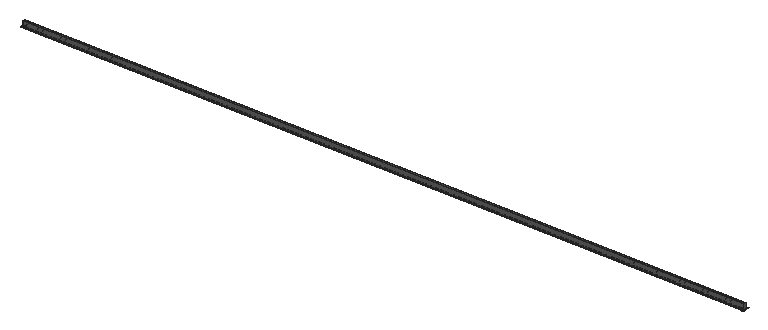
Revit family "STH21954PTO_27", category Luminárias, Revit 2023
Family settings
  Hospedeiro = Forro
  Cota do conector redondo = Utilizar diâmetro
  Tipo de parte = Normal
  Número OmniClass = 23.80.70.11
  Título OmniClass = Luminaries for Internal Lighting
  Sempre na vertical = Sim
  Corte com vazios quando carregada = Não
  Fonte luminosa = Não
  Manter orientação da anotação = Não
  Compartilhado = Não
  Ponto de cálculo do ambiente = Não
Parameters (values of type "STH21954PTO/27 - PRETO - 2m - 2700K - 280lm - 80°")
  Ângulo de Abertura = "80°"
  URL = "https://stella.com.br/"
  Tensão Elétrica = "24V"
  Temperatura da cor (K) = 2700 K
  Referência = "STH21954PTO/27 - PRETO - 2m"
  Potência = 14 W
  Modelo = "Archi"
  Luminoso = Luminoso_Lente Preta - 2700K
  Largura = 0.016 m
  IRC (Índice de reprodução de cores) = ">93 (R9 >60)\r\n>93 (R9 >60)"
  Grau de proteção (IP) = "IP20"
  Fluxo Luminoso = 280 lm
  Fabricante = "Stella"
  Estrutura = Al - Preto
  Elevação padrão = 0.00 m
  Dimerização = "Não dimerizável"
  Comprimento = 2.016 m
  Altura = 0.014 m
Reference planes (m)
  plane 1 "Eixo de origem da luz (F/T)": y = 0
  plane 2 "Forro": z = 2.4384
  plane 3 "Eixo de origem da luz (E/D)": x = 0
  plane 4 "Elevação da origem da luz": z = 2.43398
  plane 5: y = 0.008
  plane 6: y = -0.008
  plane 7: x = -1.008
  plane 8: x = 1.008
  plane 9 "Inferior": z = 2.4374
  plane 10 "Superior": z = 2.4514
  plane 11 "Base": z = 2.4384
  plane 12 "Conector": z = 2.4474
Forms (m)
  Extrusion 1, solid, material "Al - Preto" <- "Estrutura"
    sketch origin (0, -0.000002, 2.43398) x (0, -1, 0) y (1, 0, 0)
      loop
        line (-0.008002, -1.008) -> (0.007998, -1.008) -> (0.007998, 1.008) -> (-0.008002, 1.008) -> (-0.008002, -1.008)
      loop
        line (0.003398, 1.004) -> (-0.003402, 1.004) -> (-0.003402, -1.004) -> (0.003398, -1.004) -> (0.003398, 1.004)
    from 0.00342 to 0.00442
  Extrusion 2, void
    sketch origin (0, 0.05, 2.43398) x (0, -1, 0) y (1, 0, 0)
      loop
        line (0.042, -1.008) -> (0.058, -1.008) -> (0.058, 1.008) -> (0.042, 1.008) -> (0.042, -1.008)
    from 0.00342 to 0.01742
  Extrusion 3, solid, material "Al - Preto" <- "Estrutura"
    sketch origin (0, 0, 0) x (0, 1, 0) y (0, 0, 1)
      loop
        line (-0.004, 2.4384) -> (-0.0028, 2.4384) -> (-0.0028, 2.439654)
        arc (-0.0028, 2.439654) -> (-0.003, 2.44) -> (-0.0028, 2.440346) r 0.0004
        line (-0.0028, 2.440346) -> (-0.0028, 2.4474) -> (0.0028, 2.4474) -> (0.0028, 2.440346)
        arc (0.0028, 2.440346) -> (0.003, 2.44) -> (0.0028, 2.439654) r 0.0004
        line (0.0028, 2.439654) -> (0.0028, 2.4384) -> (0.004, 2.4384) -> (0.004, 2.4514) -> (0.0015, 2.4514) -> (0.0015, 2.4504) -> (0.003, 2.4504) -> (0.003, 2.4484) -> (-0.003, 2.4484) -> (-0.003, 2.4504) -> (-0.0015, 2.4504) -> (-0.0015, 2.4514) -> (-0.004, 2.4514) -> (-0.004, 2.4384)
    from -1.004 to 1.004
  Extrusion 4, solid, material "Al - Preto" <- "Estrutura"
    sketch origin (0, 0, 0) x (0, 1, 0) y (0, 0, 1)
      loop
        line (-0.004, 2.4514) -> (-0.004, 2.4384) -> (0.004, 2.4384) -> (0.004, 2.4514) -> (-0.004, 2.4514)
    from 1.004 to 1.0055
  Extrusion 5, solid, material "Al - Preto" <- "Estrutura"
    sketch origin (0, 0, 0) x (0, 1, 0) y (0, 0, -1)
      loop
        line (-0.004, -2.4514) -> (0.004, -2.4514) -> (0.004, -2.4384) -> (-0.004, -2.4384) -> (-0.004, -2.4514)
    from 1.004 to 1.0055
  Extrusion 6, solid, material "Luminoso_Lente Preta - 2700K" <- "Luminoso"
    sketch origin (0, -0.02, 0) x (0, 1, 0) y (0, 0, 1)
      loop
        line (0.0181, 2.438036) -> (0.0181, 2.440042)
        spline (0.0181, 2.440042) -> (0.017982, 2.440237) -> (0.017809, 2.440317) -> (0.017673, 2.440341) -> (0.017515, 2.440336) -> (0.017347, 2.440305) -> (0.017216, 2.440245) -> (0.017141, 2.440185) -> (0.017108, 2.4401) -> (0.017106, 2.43996) -> (0.017153, 2.439816) -> (0.01726, 2.439752) -> (0.017292, 2.439537)
        spline (0.017292, 2.439537) -> (0.017296, 2.438955) -> (0.0173, 2.438601) -> (0.017288, 2.438383) -> (0.017247, 2.438229) -> (0.017167, 2.438133) -> (0.01704, 2.438103) -> (0.016892, 2.4381) -> (0.016773, 2.438054) -> (0.016712, 2.437922) -> (0.016694, 2.437722) -> (0.016716, 2.437492) -> (0.016871, 2.437375)
        arc (0.016871, 2.437375) -> (0.02, 2.43715) -> (0.023129, 2.437375) r 0.021905
        spline (0.023129, 2.437375) -> (0.023284, 2.437492) -> (0.023306, 2.437722) -> (0.023288, 2.437922) -> (0.023227, 2.438054) -> (0.023108, 2.4381) -> (0.02296, 2.438103) -> (0.022833, 2.438133) -> (0.022753, 2.438229) -> (0.022712, 2.438383) -> (0.0227, 2.438601) -> (0.022704, 2.438955) -> (0.022708, 2.439537)
        spline (0.022708, 2.439537) -> (0.02274, 2.439752) -> (0.022847, 2.439816) -> (0.022894, 2.43996) -> (0.022892, 2.4401) -> (0.022859, 2.440185) -> (0.022784, 2.440245) -> (0.022653, 2.440305) -> (0.022485, 2.440336) -> (0.022327, 2.440341) -> (0.022191, 2.440317) -> (0.022018, 2.440237) -> (0.0219, 2.440042)
        line (0.0219, 2.440042) -> (0.0219, 2.438036)
        arc (0.0219, 2.438036) -> (0.02, 2.43795) -> (0.0181, 2.438036) r 0.021105
    from -1.004 to 1.004
Cuts and joins
  joined: Extrusion 1, Extrusion 3, Extrusion 4, Extrusion 5
Dimensions and locks (m)
  equal spacing: host sketch curve, plane 3 "Eixo de origem da luz (E/D)", host sketch curve
  equal spacing: host sketch curve, plane 1 "Eixo de origem da luz (F/T)", host sketch curve
  host sketch curve to host sketch curve = 2.031918 m
  host sketch curve to host sketch curve = 0.032 m
  "Altura": plane 10 "Superior" to plane 9 "Inferior"
  "Comprimento": plane 7 to plane 8
  "Largura": plane 5 to plane 6
  aligned and locked: host ceiling to Extrusion 1
  aligned and locked: Extrusion 1 to plane 9 "Inferior"
  aligned and locked: Extrusion 3 to Extrusion 1  (x2)
  aligned and locked: Extrusion 6 to cut or joined group of Extrusion 1, Extrusion 3, Extrusion 4, Extrusion 5  (x2)
  aligned and locked: Extrusion 1 to plane 7
  aligned and locked: plane 8 to Extrusion 1
  aligned and locked: plane 8 to Extrusion 2
  aligned and locked: Extrusion 2 to plane 7
Automatic sketch dimensions
  Extrusion 4 sketch curve to plane 2 "Forro" = 0.00 m
  Extrusion 4 sketch curve to plane 10 "Superior" = 0.00 m
  plane 1 "Eixo de origem da luz (F/T)" to Extrusion 4 sketch curve = 0.004 m
  Extrusion 4 sketch curve to plane 1 "Eixo de origem da luz (F/T)" = 0.004 m
  Extrusion 5 sketch curve to plane 2 "Forro" = 0.00 m
  Extrusion 5 sketch curve to plane 10 "Superior" = 0.00 m
  plane 1 "Eixo de origem da luz (F/T)" to Extrusion 5 sketch curve = 0.004 m
  Extrusion 5 sketch curve to plane 1 "Eixo de origem da luz (F/T)" = 0.004 m
  Extrusion 3 sketch curve to plane 2 "Forro" = 0.00 m  (x2)
  Extrusion 3 sketch curve to plane 10 "Superior" = 0.00 m  (x2)
  Extrusion 3 sketch curve to plane 12 "Conector" = 0.00 m
  plane 1 "Eixo de origem da luz (F/T)" to Extrusion 3 sketch curve = 0.004 m
  Extrusion 3 sketch curve to Extrusion 3 sketch curve = 0.001 m  (x2)
  Extrusion 3 sketch curve to Extrusion 3 sketch curve = 0.0012 m
  Extrusion 3 sketch curve to Extrusion 3 sketch curve = 0.00 m
  Extrusion 3 sketch curve to Extrusion 3 sketch curve = 0.0002 m  (x3)
  plane 1 "Eixo de origem da luz (F/T)" to Extrusion 3 sketch curve = 0.0015 m
  Extrusion 3 sketch curve to plane 1 "Eixo de origem da luz (F/T)" = 0.0015 m
  Extrusion 3 sketch curve to plane 1 "Eixo de origem da luz (F/T)" = 0.0026 m
  Extrusion 3 sketch curve to plane 1 "Eixo de origem da luz (F/T)" = 0.0028 m
  Extrusion 3 sketch curve to Extrusion 3 sketch curve = 0.001254 m
  plane 2 "Forro" to Extrusion 3 sketch curve = 0.001254 m
  Extrusion 3 sketch curve to Extrusion 3 sketch curve = 0.000346 m  (x2)
  plane 12 "Conector" to Extrusion 3 sketch curve = 0.001 m
  Extrusion 3 sketch curve to plane 10 "Superior" = 0.001 m  (x2)
  Extrusion 1 sketch curve to plane 5 = 0.00 m
  Extrusion 1 sketch curve to plane 6 = 0.00 m
  Extrusion 1 sketch curve to plane 7 = 0.00 m
  Extrusion 1 sketch curve to plane 8 = 0.00 m
  Extrusion 1 sketch curve to plane 1 "Eixo de origem da luz (F/T)" = 0.0034 m
  plane 1 "Eixo de origem da luz (F/T)" to Extrusion 1 sketch curve = 0.0034 m
  plane 7 to Extrusion 1 sketch curve = 0.004 m
  Extrusion 1 sketch curve to plane 8 = 0.004 m
  Extrusion 2 sketch curve to plane 5 = 0.00 m
  Extrusion 2 sketch curve to plane 6 = 0.00 m
  Extrusion 2 sketch curve to plane 7 = 0.00 m
  Extrusion 2 sketch curve to plane 8 = 0.00 m
  Extrusion 6 sketch curve to Extrusion 6 sketch curve = 0.00 m  (x2)
  Extrusion 6 sketch curve to plane 1 "Eixo de origem da luz (F/T)" = 0.00 m
  plane 1 "Eixo de origem da luz (F/T)" to Extrusion 6 sketch curve = 0.0019 m
  plane 2 "Forro" to Extrusion 6 sketch curve = 0.001137 m  (x2)
  Extrusion 6 sketch curve to Extrusion 6 sketch curve = 0.000808 m  (x2)
  Extrusion 6 sketch curve to plane 9 "Inferior" = 0.000025 m  (x2)
  Extrusion 6 sketch curve to Extrusion 6 sketch curve = 0.001229 m
  Extrusion 6 sketch curve to plane 1 "Eixo de origem da luz (F/T)" = 0.0019 m
  Extrusion 6 sketch curve to plane 2 "Forro" = 0.000364 m
  Extrusion 6 sketch curve to Extrusion 6 sketch curve = 0.000505 m  (x2)
  plane 10 "Superior" to Extrusion 6 sketch curve = 0.007655 m
Nested families (m)
  nested 1: "Fluxo Luminoso_Archi_STH21954_PTO_27" at (-0.50789, 0, 2.43398), type "Fluxo Luminoso_Archi_STH21954_PTO_27"
  nested 2: "Fluxo Luminoso_Archi_STH21954_PTO_27" at (0.507892, 0, 2.43398), type "Fluxo Luminoso_Archi_STH21954_PTO_27"
Connectors (m)
  electrical at (0, 0, 2.4474)
    settings: index 1, voltage 0 V, apparent load 0 VA, apparent load phase1 0 VA, apparent load phase2 0 VA, apparent load phase3 0 VA, power factor 1, load classification "Outro", number of poles 1, system type 14, power factor state 1, is connector primary yes, connector utility no, sub classification motor no, connector description ""
Definition of nested family "Fluxo Luminoso_Archi_STH21954_PTO_27"
  Parameters (values of type "Fluxo Luminoso_Archi_STH21954_PTO_27")
    Wattage = 0.942495 W
    built-in parameter 1150110 = 1 (stored number, unit not read)
    built-in parameter 1114217 = 1 (stored number, unit not read)
    built-in parameter 1150109 = 1 (stored number, unit not read)
    Default Elevation = 0.00 m
    built-in parameter 1150134 = (empty or 0)
    built-in parameter 1150113 = 1 (stored number, unit not read)
    Lumens = 140 lm
    Tilt Angle = 90.00°
    built-in parameter 1150115 = 1 (stored number, unit not read)
    built-in parameter 1150105 = 11.141 (stored number, unit not read)
    built-in parameter 1150137 = (empty or 0)
    built-in parameter 1150139 = (empty or 0)
    built-in parameter 1150112 = 1 (stored number, unit not read)
    built-in parameter 1150114 = 1 (stored number, unit not read)
    built-in parameter 1150132 = 2
    built-in parameter 1150102 = (empty or 0)
    built-in parameter 1150138 = (empty or 0)
    built-in parameter 1150107 = 2700 (stored number, unit not read)
    built-in parameter 1150106 = 0.11141 (stored number, unit not read)
    built-in parameter 1150104 = 13.8 (stored number, unit not read)
    Dimming Lamp Color Temperature Shift = (empty or 0)
    Color Filter = 16777215
    built-in parameter 1114218 = 1 (stored number, unit not read)
    Photometric Web File = "STELLA - STH21953PTO-27 - ARCHI - PERFIL DE EMBUTIR PLANO 16mm.ies"
    built-in parameter 1150133 = 10 (stored number, unit not read)
  Reference planes (m)
    plane 1 "Plano de inclinação (F/T)": y = 0
    plane 2: z = 0
    plane 3 "Eixo de origem da luz (E/D)": x = 0
    plane 4 "Elevação da origem da luz": z = 1.3716
  Text (m)
    text "Ângulo de inclinação de 0 graus" at (0.809978, -4.572, 1.586413), in view "Parte frontal"
    text "90" at (-0.194597, -4.572, 2.488248), in view "Parte frontal"
    text "180" at (-1.13068, -4.572, 1.586413), in view "Parte frontal"
    text "270" at (-0.320169, -4.572, 0.456265), in view "Parte frontal"
    text "Ângulo de inclinação de 0 graus" at (1.952354, 4.572, 1.54298), in view "Parte posterior"
    text "180" at (-0.876627, 4.572, 1.524796), in view "Parte posterior"
    text "90" at (0.296375, 4.572, 2.698908), in view "Parte posterior"
    text "270" at (0.421947, 4.572, 0.666926), in view "Parte posterior"
  Dimensions and locks (m)
    aligned and locked: level to plane 2
